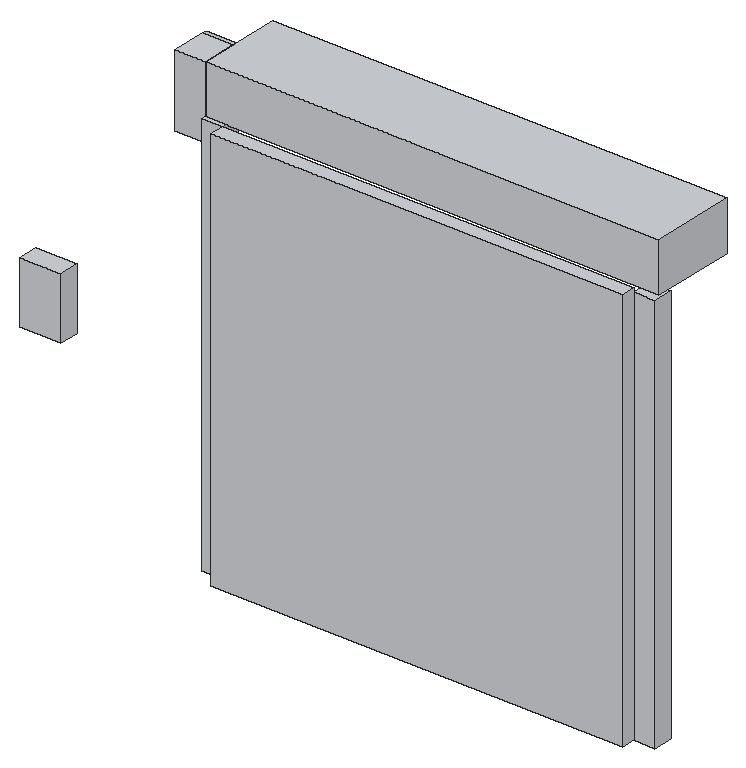
Revit family "DynamicRoll Frigo 2", category Doors, host Wall, Revit 2014
Parameters (values of type "Dynamic Roll Frigo 2")
  width_c = if(Height > 144", 144", Height)  # 130"
  Swing Angle [instance] = 45.00°
  Shutter = none
  OVERALL FRAME WIDTH = 99"
  OVERALL FRAME HEIGHT = 105 13/16"
  Height_c = if(Height > 204", 204", Height)  # 130"
  Function = Interior
  Frame Projection Ext. = 1"
  Frame Projection Int. = 1"
  Frame Width = 3"
  Height = 130"
  Wall Closure = By host
  Width = 103 1/2"
  Frame = none
  LATCH STRIKE TAPPING BAR = 41"
  DOOR CLOSER = 14"
  Closure Offset = 8"
  Closer [instance] = yes
  Clearance Required = 208"
  Analytic Construction = "<None>"
Reference planes (in)
  plane 1 "Center (Front/Back)": y = 0
  plane 2 "Center (Left/Right)": x = 0
  plane 3 "Exterior": y = 4
  plane 4 "Interior": y = -4
  plane 5: x = -39
  plane 6: z = 76
  plane 7: z = 0
  plane 8: z = 51.48172
  plane 9: y = 10.5625
  plane 10: x = 65
  plane 11: x = -65
  plane 12: z = 0
  plane 13: z = 0
  plane 14: x = 111
  plane 15: z = 144
  plane 16: x = -108
  plane 17: y = 8
  plane 18 "WIC L": x = 59
  plane 19 "WIC R": x = -59
  plane 20: x = -73.6875
  plane 21: x = 37.10662
  plane 22: x = -57.89338
  plane 23: z = 130
  plane 24: z = 103.8125
  plane 25: z = 115.8125
  plane 26: y = 28.0625
Forms (in)
  Extrusion 1, solid, material <- "Frame"
    sketch origin (-102, 12.5, 0) x (1, 0, 0) y (0, 0, 1)
      loop
        line (43, 116) -> (37, 116) -> (37, 0) -> (43, 0) -> (43, 116)
    from 10 to 4.5
  Extrusion 2, solid, material <- "Frame"
    sketch origin (-3, 12.5, 0) x (1, 0, 0) y (0, 0, 1)
      loop
        line (68, 115) -> (62, 115) -> (62, 0) -> (68, 0) -> (68, 115)
    from 10 to 4.5
  Extrusion 3, solid, material <- "Shutter"
    sketch origin (0, 0, 0) x (1, 0, 0) y (0, 1, 0)
      loop
        line (-59, 2.5) -> (-59, -1.5) -> (59, -1.5) -> (59, 2.5) -> (-59, 2.5)
    from 0 to 116
  Extrusion 4, solid
    sketch origin (0, 2.5, 0) x (1, 0, 0) y (0, 0, 1)
      loop
        line (-101, 65.88266) -> (-112.7107, 65.88266) -> (-112.7107, 48) -> (-101, 48) -> (-101, 65.88266)
    from -0.29346 to 5.25
  Extrusion 5, solid
    sketch origin (0, 2.5, 0) x (1, 0, 0) y (0, 0, 1)
      loop
        line (65, 130) -> (-65, 130) -> (-65, 115.8125) -> (65, 115.8125) -> (65, 130)
    from -25.5625 to -1.5
  Extrusion 6, solid
    sketch origin (10.5, 0, 0) x (0, 1, 0) y (0, 0, 1)
      loop
        line (4, 130) -> (4, 109.125) -> (12.96778, 109.125)
        arc (12.96778, 109.125) -> (16.32654, 110.51624) -> (17.71778, 113.875) r 4.75
        line (17.71778, 113.875) -> (17.71778, 126)
        arc (17.71778, 126) -> (16.54621, 128.82843) -> (13.71778, 130) r 4
        line (13.71778, 130) -> (4, 130)
    from -84.1875 to -75.5
Lines and regions (in)
  Opening 1
    outline origin (-60, -4, 0) x (1, 0, 0) y (0, 0, 1)
      loop
        line (119, 115) -> (1, 115) -> (1, 0) -> (119, 0) -> (119, 115)
Text (in)
  text "Exterior" at (-74.96733, 27.31104, 0), in view "Ref. Level"
  text "Interior" at (-74.96733, -25.14366, 0), in view "Ref. Level"
  text "Exterior" at (0, 40.15149, 123.01588), in view "Right"
  text "Interior" at (0, -64.39139, 123.01588), in view "Right"
  text "Interior" at (0, -31.01599, 123.00693), in view "Left"
  text "Exterior" at (0, 54.57065, 123.00693), in view "Left"
Dimensions and locks (in)
  Extrusion 3 to Extrusion 3 = 4"
  locked: Extrusion 4 sketch curve to Extrusion 1 at 36
  locked: plane 17 to plane 3 "Exterior" at 4
  equal spacing: plane 19 "WIC R", plane 2 "Center (Left/Right)", plane 18 "WIC L"
  locked: level to Extrusion 4 sketch curve at 48
  "Height_c": plane 12 to plane 23
  locked: plane 12 to plane 24 at 103.8125
  locked: Extrusion 3 to Extrusion 5 sketch curve at 14
  locked: plane 25 to plane 23 at 14.1875
  "width_c": plane 11 to plane 10
  locked: plane 11 to plane 19 "WIC R" at 6
  locked: plane 18 "WIC L" to plane 10 at 6
  locked: plane 20 to plane 11 at 8.6875
  locked: Extrusion 5 to Extrusion 6 sketch curve at 20.875
  locked: Extrusion 6 sketch curve to Extrusion 5 at 13.71778
  plane 26 to plane 3 "Exterior" = 24 1/16"
  aligned and locked: plane 3 "Exterior" to host wall
  aligned and locked: host wall to plane 4 "Interior"
  aligned and locked: Extrusion 1 to Extrusion 3 sketch curve
  aligned and locked: host sketch curve to plane 13
  aligned and locked: host sketch curve to plane 15
  aligned and locked: Extrusion 1 to plane 17
  aligned and locked: Extrusion 2 to plane 17
  aligned and locked: plane 3 "Exterior" to Extrusion 5
  aligned and locked: Extrusion 3 to plane 18 "WIC L"
  aligned and locked: Extrusion 3 sketch curve to plane 19 "WIC R"
  aligned and locked: plane 18 "WIC L" to Extrusion 3 sketch curve
  aligned and locked: Extrusion 2 sketch curve to plane 18 "WIC L"
  aligned and locked: plane 10 to Extrusion 2 sketch curve
  aligned and locked: plane 19 "WIC R" to Extrusion 1 sketch curve
  aligned and locked: Extrusion 1 sketch curve to plane 11
  aligned and locked: Extrusion 6 to plane 11
  aligned and locked: plane 20 to Extrusion 6
  aligned and locked: Extrusion 6 to Extrusion 5
  aligned and locked: plane 23 to Extrusion 6 sketch curve
  aligned and locked: Extrusion 5 to plane 10
  aligned and locked: plane 11 to Extrusion 5
  aligned and locked: Extrusion 5 sketch curve to plane 25
  aligned and locked: Extrusion 1 to Extrusion 3
  aligned and locked: Extrusion 5 to plane 26
Automatic sketch dimensions
  plane 19 "WIC R" to Opening 1 sketch curve = 0"
  Opening 1 sketch curve to level = 0"
  plane 18 "WIC L" to Opening 1 sketch curve = 0"
  plane 6 to Opening 1 sketch curve = 39"
  Extrusion 1 sketch curve to level = 0"
  level to Extrusion 1 sketch curve = 116"
  Extrusion 2 sketch curve to level = 0"
  level to Extrusion 2 sketch curve = 115"
  Extrusion 3 sketch curve to host wall = 2 1/2"
  Extrusion 4 sketch curve to Extrusion 4 sketch curve = 11.7107"
  Extrusion 4 sketch curve to Extrusion 4 sketch curve = 17.88266"
  host sketch curve to plane 14 = 0"
  host sketch curve to plane 16 = 0"
  Extrusion 5 sketch curve to plane 11 = 0"
  plane 10 to Extrusion 5 sketch curve = 0"
  Extrusion 6 sketch curve to host wall = 0"
  Extrusion 6 sketch curve to plane 9 = 2.40528"
  Extrusion 6 sketch curve to plane 9 = 3.15528"
